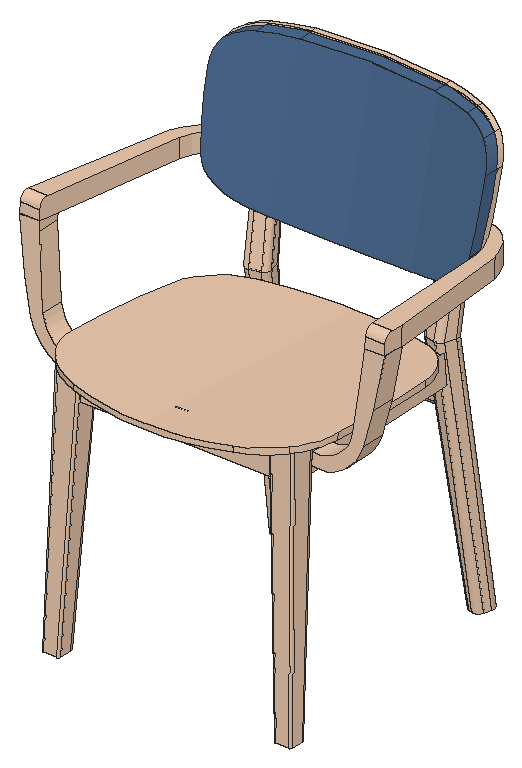
Revit family "FU_Chair_Sandler_Celina 2-14", category Furniture, Revit 2020
Family settings
  OmniClass Number = 23.40.20.00
  OmniClass Title = General Furniture and Specialties
  Work Plane-Based = No
  Always vertical = Yes
  Cut with Voids When Loaded = No
  Shared = No
  Room Calculation Point = No
Parameters (values of type "Celina 2.14")
  Width = 500 mm
  URL = "https://www.sandlerseating.com/product/celina-2-14/"
  Seat [instance] = Fabric - Manhattan - Staten YI386
  Model = "Celina 2.14"
  Manufacturer = "Sandler"
  Height = 820 mm
  Frame [instance] = Wood - Beech - Walnut - V
  Description = "Armchair with a wooden seat and upholstered back panel. The frame is in solid beech."
  Depth = 550 mm
  Default Elevation = 0 mm
Reference planes
  plane 1 "Center (Front/Back)": y = 0
  plane 2: z = 0
  plane 3 "Center (Left/Right)": x = 0
  plane 4 "Right": x = -250
  plane 5 "Left": x = 250
  plane 6 "Back": y = 275
  plane 7 "Front": y = -275
  plane 8 "Height": z = 820
  plane 9 "Seat height": z = 460
  plane 10 "Right Arm": x = -325
  plane 11 "Left Arm": x = 325
  plane 12 "FL C FRONT": through (206.59, -1524, 5.36) normal (-0.9994, 0, -0.0359)
  plane 13 "BL C Front": through (-178.282, -1524, 5.132) normal (-0.9999, 0, 0.0103)
  plane 14 "FL C RIGHT": through (4267.2, -211.114, 5.562) normal (0, -0.9986, 0.0521)
  plane 15: through (4267.2, 255.502, 4.2) normal (0, -0.9887, -0.1501)
  plane 16: through (4267.2, 190.415, 493.994) normal (0, -0.984, 0.1783)
Forms (mm)
  Sweep 1, solid, material "Wood - Beech - Walnut - V" <- "Frame"
    path origin (0.119, 29.292, 439.708) x (0, 0.99863, -0.052336) y (1, 0, 0)
      loop
        line (-311.844, 0) -> (171.86, 0)
    profile "Pro_celina_Seat : Pro_celina_Seat" origin (0.119, -40.604, 443.371) x (1, 0, 0) y (0, -0.052336, -0.99863)
      loop
        arc (237.5, -12.54) -> (0, 0) -> (-237.5, -12.54) r 2255.339
        line (-237.5, -12.54) -> (-237.5, -22.54)
        arc (-237.5, -22.54) -> (0, -10) -> (237.5, -22.54) r 2255.339
        line (237.5, -22.54) -> (237.5, -12.54)
  Extrusion 2, void
    sketch origin (0.119, -20.296, 502.02) x (-1, 0, 0) y (0, -1, 0)
      loop
        line (248.521, -230.925) -> (248.521, 269.075) -> (-251.479, 269.075) -> (-251.479, -230.925) -> (248.521, -230.925)
      loop
        arc (141.879, 235.713) -> (0.119, 256.987) -> (-141.64, 235.713) r 482.927
        arc (-141.64, 235.713) -> (-177.703, 219.068) -> (-208.046, 193.437) r 148.11
        arc (-208.046, 193.437) -> (-229.338, 158.084) -> (-235.769, 117.318) r 107.689
        arc (-235.769, 117.318) -> (-233.624, 13.584) -> (-224.626, -89.781) r 1568.852
        arc (-224.626, -89.781) -> (-196.277, -154.472) -> (-136.874, -192.68) r 122.229
        arc (-136.874, -192.68) -> (0.119, -211.879) -> (137.113, -192.68) r 498.358
        arc (137.113, -192.68) -> (196.516, -154.472) -> (224.865, -89.781) r 122.229
        arc (224.865, -89.781) -> (233.862, 13.584) -> (236.008, 117.318) r 1568.852
        arc (236.008, 117.318) -> (229.577, 158.084) -> (208.285, 193.437) r 107.689
        arc (208.285, 193.437) -> (177.942, 219.068) -> (141.879, 235.713) r 148.11
    from 10.492 to -76.796
  SweptBlend 3, solid, material "Wood - Beech - Walnut - V" <- "Frame"
    path origin (206.516, 0, 7.419) x (0.035902, 0, -0.999355) y (0, -1, 0)
      loop
        line (15.798, 211.845) -> (-453.563, 187.36)
    profile origin (207.083, -211.845, -8.369) x (0.00187, 0.998642, -0.052062) y (-0.999355, 0, -0.035902)
      loop
        arc (-14.979, -11.006) -> (-13.796, -13.848) -> (-10.949, -15.021) r 4.023
        line (-10.949, -15.021) -> (11.028, -14.979)
        arc (11.028, -14.979) -> (13.854, -13.803) -> (15.021, -10.972) r 4
        line (15.021, -10.972) -> (14.979, 11.028)
        arc (14.979, 11.028) -> (13.803, 13.854) -> (10.972, 15.021) r 4
        line (10.972, 15.021) -> (-11.028, 14.979)
        arc (-11.028, 14.979) -> (-13.854, 13.803) -> (-15.021, 10.972) r 4
        line (-15.021, 10.972) -> (-14.979, -11.006)
    end profile origin (190.232, -187.36, 460.69) x (0.00187, 0.998642, -0.052062) y (-0.999355, 0, -0.035902)
      loop
        arc (-21.966, -18.041) -> (-20.789, -20.867) -> (-17.959, -22.034) r 4
        line (-17.959, -22.034) -> (18.041, -21.966)
        arc (18.041, -21.966) -> (20.867, -20.789) -> (22.034, -17.959) r 4
        line (22.034, -17.959) -> (21.966, 18.041)
        arc (21.966, 18.041) -> (20.789, 20.867) -> (17.959, 22.034) r 4
        line (17.959, 22.034) -> (-18.041, 21.966)
        arc (-18.041, 21.966) -> (-20.867, 20.789) -> (-22.034, 17.959) r 4
        line (-22.034, 17.959) -> (-21.966, -18.041)
  SweptBlend 4, solid, material "Wood - Beech - Walnut - V" <- "Frame"
    path origin (-178.316, 0, 1.838) x (-0.010308, 0, -0.999947) y (0, -1, 0)
      loop
        line (10.63, -257.754) -> (-463.93, -185.692)
    profile origin (-178.425, 257.754, -8.791) x (0.001548, 0.988666, 0.150121) y (-0.999947, 0, 0.010308)
      loop
        line (16.945, 1.2) -> (15.071, 7.954)
        arc (15.071, 7.954) -> (9.652, 14.89) -> (0.916, 15.962) r 11.5
        line (0.916, 15.962) -> (-12.575, 12.22)
        arc (-12.575, 12.22) -> (-19.51, 6.801) -> (-20.583, -1.935) r 11.5
        line (-20.583, -1.935) -> (-18.712, -8.681)
        arc (-18.712, -8.681) -> (-13.292, -15.616) -> (-4.556, -16.688) r 11.5
        line (-4.556, -16.688) -> (8.943, -12.944)
        arc (8.943, -12.944) -> (15.873, -7.529) -> (16.945, 1.2) r 11.49
    end profile origin (-173.534, 185.692, 465.743) x (0.001548, 0.988666, 0.150121) y (-0.999947, 0, 0.010308)
      loop
        line (5.481, 10.089) -> (-14.232, 4.749)
        arc (-14.232, 4.749) -> (-20.595, -0.161) -> (-21.622, -8.131) r 10.5
        line (-21.622, -8.131) -> (-16.447, -27.235)
        arc (-16.447, -27.235) -> (-11.538, -33.597) -> (-3.567, -34.624) r 10.5
        line (-3.567, -34.624) -> (16.146, -29.284)
        arc (16.146, -29.284) -> (22.508, -24.375) -> (23.535, -16.404) r 10.5
        line (23.535, -16.404) -> (18.361, 2.699)
        arc (18.361, 2.699) -> (13.451, 9.061) -> (5.481, 10.089) r 10.5
  SweptBlend 5, solid, material "Wood - Beech - Walnut - V" <- "Frame"
    path origin (-178.316, 0, 1.838) x (-0.010308, 0, -0.999947) y (0, -1, 0)
      loop
        line (-447.138, -184.221) -> (-698.053, -229.684)
    profile origin (-173.707, 184.221, 448.952) x (-0.001838, 0.983979, -0.178274) y (-0.999947, 0, 0.010308)
      loop
        line (6.359, 10.097) -> (-14.247, 4.59)
        arc (-14.247, 4.59) -> (-20.626, -0.298) -> (-21.68, -8.265) r 10.5
        line (-21.68, -8.265) -> (-16.57, -27.386)
        arc (-16.57, -27.386) -> (-11.682, -33.765) -> (-3.715, -34.819) r 10.5
        line (-3.715, -34.819) -> (16.891, -29.312)
        arc (16.891, -29.312) -> (23.269, -24.424) -> (24.324, -16.457) r 10.5
        line (24.324, -16.457) -> (19.214, 2.664)
        arc (19.214, 2.664) -> (14.326, 9.042) -> (6.359, 10.097) r 10.5
    end profile origin (-171.12, 229.684, 699.854) x (-0.001838, 0.983979, -0.178274) y (-0.999947, 0, 0.010308)
      loop
        arc (10.888, 12.173) -> (6.714, 17.652) -> (-0.112, 18.575) r 9
        line (-0.112, 18.575) -> (-10.954, 15.71)
        arc (-10.954, 15.71) -> (-16.436, 11.534) -> (-17.36, 4.704) r 9.005
        line (-17.36, 4.704) -> (-12.919, -12.102)
        arc (-12.919, -12.102) -> (-8.745, -17.581) -> (-1.919, -18.504) r 9
        line (-1.919, -18.504) -> (8.928, -15.638)
        arc (8.928, -15.638) -> (14.407, -11.464) -> (15.33, -4.638) r 9
        line (15.33, -4.638) -> (10.888, 12.173)
  Extrusion 6, void
    sketch origin (-178.316, 0, 1.838) x (-0.010308, 0, -0.999947) y (0, -1, 0)
      loop
        line (-458.111, -152.645) -> (-458.111, -224.882) -> (-439.168, -224.882) -> (-439.168, -152.645) -> (-458.111, -152.645)
    from -48.983 to 26.092
  Extrusion 7, void
    sketch origin (-178.316, 0, 1.838) x (-0.010308, 0, -0.999947) y (0, -1, 0)
      loop
        line (-458.228, -152.645) -> (-470.347, -152.645) -> (-470.347, -224.294) -> (-458.228, -224.294) -> (-458.228, -152.645)
    from -48.983 to 26.092
  SweptBlend 8, solid, material "Wood - Beech - Walnut - V" <- "Frame"
    path origin (178.316, 0, 1.838) x (0.010308, 0, -0.999947) y (0, 1, 0)
      loop
        line (10.63, 257.754) -> (-463.93, 185.692)
    profile origin (178.425, 257.754, -8.791) x (0.001548, -0.988666, -0.150121) y (0.999947, 0, 0.010308)
      loop
        arc (-16.945, 1.2) -> (-15.873, -7.529) -> (-8.943, -12.944) r 11.49
        line (-8.943, -12.944) -> (4.556, -16.688)
        arc (4.556, -16.688) -> (13.292, -15.616) -> (18.712, -8.681) r 11.5
        line (18.712, -8.681) -> (20.583, -1.935)
        arc (20.583, -1.935) -> (19.51, 6.801) -> (12.575, 12.22) r 11.5
        line (12.575, 12.22) -> (-0.916, 15.962)
        arc (-0.916, 15.962) -> (-9.652, 14.89) -> (-15.071, 7.954) r 11.5
        line (-15.071, 7.954) -> (-16.945, 1.2)
    end profile origin (173.534, 185.692, 465.743) x (0.001548, -0.988666, -0.150121) y (0.999947, 0, 0.010308)
      loop
        arc (-5.481, 10.089) -> (-13.451, 9.061) -> (-18.361, 2.699) r 10.5
        line (-18.361, 2.699) -> (-23.535, -16.404)
        arc (-23.535, -16.404) -> (-22.508, -24.375) -> (-16.146, -29.284) r 10.5
        line (-16.146, -29.284) -> (3.567, -34.624)
        arc (3.567, -34.624) -> (11.538, -33.597) -> (16.447, -27.235) r 10.5
        line (16.447, -27.235) -> (21.622, -8.131)
        arc (21.622, -8.131) -> (20.595, -0.161) -> (14.232, 4.749) r 10.5
        line (14.232, 4.749) -> (-5.481, 10.089)
  SweptBlend 9, solid, material "Wood - Beech - Walnut - V" <- "Frame"
    path origin (178.316, 0, 1.838) x (0.010308, 0, -0.999947) y (0, 1, 0)
      loop
        line (-447.138, 184.221) -> (-698.053, 229.684)
    profile origin (173.707, 184.221, 448.952) x (-0.001838, -0.983979, 0.178274) y (0.999947, 0, 0.010308)
      loop
        arc (-6.359, 10.097) -> (-14.326, 9.042) -> (-19.214, 2.664) r 10.5
        line (-19.214, 2.664) -> (-24.324, -16.457)
        arc (-24.324, -16.457) -> (-23.269, -24.424) -> (-16.891, -29.312) r 10.5
        line (-16.891, -29.312) -> (3.715, -34.819)
        arc (3.715, -34.819) -> (11.682, -33.765) -> (16.57, -27.386) r 10.5
        line (16.57, -27.386) -> (21.68, -8.265)
        arc (21.68, -8.265) -> (20.626, -0.298) -> (14.247, 4.59) r 10.5
        line (14.247, 4.59) -> (-6.359, 10.097)
    end profile origin (171.12, 229.684, 699.854) x (-0.001838, -0.983979, 0.178274) y (0.999947, 0, 0.010308)
      loop
        line (-10.888, 12.173) -> (-15.33, -4.638)
        arc (-15.33, -4.638) -> (-14.407, -11.464) -> (-8.928, -15.638) r 9
        line (-8.928, -15.638) -> (1.919, -18.504)
        arc (1.919, -18.504) -> (8.745, -17.581) -> (12.919, -12.102) r 9
        line (12.919, -12.102) -> (17.36, 4.704)
        arc (17.36, 4.704) -> (16.436, 11.534) -> (10.954, 15.71) r 9.005
        line (10.954, 15.71) -> (0.112, 18.575)
        arc (0.112, 18.575) -> (-6.714, 17.652) -> (-10.888, 12.173) r 9
  Extrusion 10, void
    sketch origin (178.316, 0, 1.838) x (0.010308, 0, -0.999947) y (0, 1, 0)
      loop
        line (-458.111, 152.645) -> (-439.168, 152.645) -> (-439.168, 224.882) -> (-458.111, 224.882) -> (-458.111, 152.645)
    from -48.983 to 26.092
  Extrusion 11, void
    sketch origin (178.316, 0, 1.838) x (0.010308, 0, -0.999947) y (0, 1, 0)
      loop
        line (-458.228, 152.645) -> (-458.228, 224.294) -> (-470.347, 224.294) -> (-470.347, 152.645) -> (-458.228, 152.645)
    from -48.983 to 26.092
  SweptBlend 12, solid, material "Wood - Beech - Walnut - V" <- "Frame"
    path origin (-206.516, 0, 7.419) x (-0.035902, 0, -0.999355) y (0, 1, 0)
      loop
        line (15.798, -211.845) -> (-453.563, -187.36)
    profile origin (-207.083, -211.845, -8.369) x (0.00187, -0.998642, 0.052062) y (0.999355, 0, -0.035902)
      loop
        line (14.979, -11.006) -> (15.021, 10.972)
        arc (15.021, 10.972) -> (13.854, 13.803) -> (11.028, 14.979) r 4
        line (11.028, 14.979) -> (-10.972, 15.021)
        arc (-10.972, 15.021) -> (-13.803, 13.854) -> (-14.979, 11.028) r 4
        line (-14.979, 11.028) -> (-15.021, -10.972)
        arc (-15.021, -10.972) -> (-13.854, -13.803) -> (-11.028, -14.979) r 4
        line (-11.028, -14.979) -> (10.949, -15.021)
        arc (10.949, -15.021) -> (13.796, -13.848) -> (14.979, -11.006) r 4.023
    end profile origin (-190.232, -187.36, 460.69) x (0.00187, -0.998642, 0.052062) y (0.999355, 0, -0.035902)
      loop
        line (21.966, -18.041) -> (22.034, 17.959)
        arc (22.034, 17.959) -> (20.867, 20.789) -> (18.041, 21.966) r 4
        line (18.041, 21.966) -> (-17.959, 22.034)
        arc (-17.959, 22.034) -> (-20.789, 20.867) -> (-21.966, 18.041) r 4
        line (-21.966, 18.041) -> (-22.034, -17.959)
        arc (-22.034, -17.959) -> (-20.867, -20.789) -> (-18.041, -21.966) r 4
        line (-18.041, -21.966) -> (17.959, -22.034)
        arc (17.959, -22.034) -> (20.789, -20.867) -> (21.966, -18.041) r 4
  Extrusion 13, solid, material "Wood - Beech - Walnut - V" <- "Frame"
    sketch origin (0, 0, 460) x (-1, 0, 0) y (0, -1, 0)
      loop
        line (175.074, 174.445) -> (175.074, 205.637) -> (-174.926, 205.637) -> (-174.926, 174.445) -> (175.074, 174.445)
      loop
        line (207.36, 174.272) -> (178.067, 176.828) -> (146.379, -186.366) -> (176.28, -181.947) -> (207.36, 174.272)
      loop
        line (-207.36, 174.272) -> (-176.28, -181.947) -> (-146.379, -186.366) -> (-178.067, 176.828) -> (-207.36, 174.272)
    from 0 to -78.018
  Sweep 14, void
    path origin (0.119, 30.664, 441.798) x (0, 0.99863, -0.052336) y (1, 0, 0)
      loop
        line (-311.844, 0) -> (193.156, 0)
    profile "Pro_celina_Seat-cut : Pro_celina_Seat-cut" origin (0.119, -28.599, 444.904) x (1, 0, 0) y (0, -0.052336, -0.99863)
      loop
        arc (237.5, -12.54) -> (0, 0) -> (-237.5, -12.54) r 2255.339
        line (-237.5, -12.54) -> (-237.5, -65.04)
        arc (-237.5, -65.04) -> (0, -52.5) -> (237.5, -65.04) r 2255.339
        line (237.5, -65.04) -> (237.5, -12.54)
  Extrusion 15, void
    sketch origin (0, 0, 0) x (0, 1, 0) y (0, 0, 1)
      loop
        line (-229.224, 409.273) -> (-229.224, 334.273) -> (230.12, 334.273) -> (230.12, 384.715) -> (-229.224, 409.273)
    from -250 to 250
  Extrusion 16, solid, material "Wood - Beech - Walnut - V" <- "Frame"
    sketch origin (0, 0, 0) x (0, 1, 0) y (0, 0, 1)
      loop
        arc (213.056, 367.317) -> (210.682, 371.248) -> (206.223, 372.348) r 6
        line (206.223, 372.348) -> (198.535, 371.181)
        arc (198.535, 371.181) -> (194.604, 368.806) -> (193.503, 364.348) r 6
        line (193.503, 364.348) -> (197.257, 339.631)
        arc (197.257, 339.631) -> (199.631, 335.701) -> (204.09, 334.6) r 6
        line (204.09, 334.6) -> (211.778, 335.768)
        arc (211.778, 335.768) -> (215.709, 338.142) -> (216.81, 342.601) r 6
        line (216.81, 342.601) -> (213.056, 367.317)
    from -168 to 168
  Extrusion 17, void
    sketch origin (0, 0, 0) x (0, 1, 0) y (0, 0, 1)
      loop
        line (-275, 0) -> (-275, -32.791) -> (280, -32.791) -> (280, 0) -> (-275, 0)
    from -250 to 250
  Sweep 18, solid, material "Fabric - Manhattan - Staten YI386" <- "Seat"
    path origin (0.066, 37.154, -270.244) x (0, 1, 0) y (0, 0, 1)
      loop
        line (154.569, 770) -> (234.758, 1108.042)
    profile "Pro_celina_Back_UPH1 : Pro_celina_Back_UPH 2" origin (0.066, 231.818, 668.777) x (0, -0.972998, 0.230812) y (1, 0, 0)
      loop
        arc (42.034, 246.545) -> (3, 0) -> (42.034, -246.545) r 798.125
        arc (42.034, -246.545) -> (43.85, -249.045) -> (46.789, -250) r 5
        line (46.789, -250) -> (73.165, -250)
        arc (73.165, -250) -> (33, 0) -> (73.165, 250) r 798.125
        line (73.165, 250) -> (46.789, 250)
        arc (46.789, 250) -> (43.85, 249.045) -> (42.034, 246.545) r 5
  Extrusion 19, void
    sketch origin (0.066, 39.342, -270.869) x (1, 0, 0) y (0, 0, 1)
      loop
        line (119.761, 1090) -> (-121.25, 1090)
        arc (-121.25, 1090) -> (-154.552, 1088.857) -> (-187.721, 1085.67) r 541.973
        arc (-187.721, 1085.67) -> (-211.489, 1079.491) -> (-232.923, 1067.503) r 96.341
        arc (-232.923, 1067.503) -> (-245.694, 1045.257) -> (-249.494, 1019.89) r 69.271
        arc (-249.494, 1019.89) -> (-247.861, 958.646) -> (-241.122, 897.751) r 733.414
        arc (-241.122, 897.751) -> (-232.137, 873.763) -> (-214.284, 855.393) r 62.504
        arc (-214.284, 855.393) -> (-182.775, 839.296) -> (-148.432, 830.784) r 154.624
        arc (-148.432, 830.784) -> (-5.305, 821.343) -> (137.883, 829.803) r 1149.301
        arc (137.883, 829.803) -> (177.655, 837.565) -> (214.045, 855.393) r 154.624
        arc (214.045, 855.393) -> (231.898, 873.763) -> (240.883, 897.751) r 62.504
        arc (240.883, 897.751) -> (247.622, 958.646) -> (249.256, 1019.89) r 733.414
        arc (249.256, 1019.89) -> (245.455, 1045.257) -> (232.684, 1067.503) r 69.271
        arc (232.684, 1067.503) -> (211.25, 1079.491) -> (187.482, 1085.67) r 96.341
        arc (187.482, 1085.67) -> (153.689, 1088.897) -> (119.761, 1090) r 541.59
      loop
        line (-260, 1133.116) -> (-260, 753.116) -> (260, 753.116) -> (260, 1133.116) -> (-260, 1133.116)
    from -235.658 to -100.658
  Sweep 20, solid, material "Wood - Beech - Walnut - V" <- "Frame"
    path origin (0.066, 37.154, -270.244) x (0, 1, 0) y (0, 0, 1)
      loop
        line (154.569, 770) -> (234.758, 1108.042)
    profile "Pro_celina_Back : Pro_celina_Back" origin (0.066, 231.818, 668.777) x (0, -0.972998, 0.230812) y (1, 0, 0)
      loop
        arc (50.165, -250) -> (10, 0) -> (50.165, 250) r 798.119
        line (50.165, 250) -> (40.165, 250)
        arc (40.165, 250) -> (0, 0) -> (40.165, -250) r 798.125
        line (40.165, -250) -> (50.165, -250)
  Extrusion 21, void
    sketch origin (-0.054, 0, 0.005) x (1, 0, 0) y (0, 0, 1)
      loop
        line (119.189, 817.664) -> (-121.182, 817.664)
        arc (-121.182, 817.664) -> (-154.204, 816.535) -> (-187.094, 813.377) r 536.553
        arc (-187.094, 813.377) -> (-210.624, 807.259) -> (-231.844, 795.391) r 95.377
        arc (-231.844, 795.391) -> (-244.487, 773.368) -> (-248.249, 748.255) r 68.579
        arc (-248.249, 748.255) -> (-246.632, 687.623) -> (-239.96, 627.337) r 726.08
        arc (-239.96, 627.337) -> (-231.065, 603.589) -> (-213.391, 585.403) r 61.879
        arc (-213.391, 585.403) -> (-182.197, 569.467) -> (-148.198, 561.039) r 153.077
        arc (-148.198, 561.039) -> (-7.322, 551.696) -> (133.626, 559.871) r 1137.808
        arc (133.626, 559.871) -> (175.165, 567.108) -> (213.154, 585.403) r 153.077
        arc (213.154, 585.403) -> (230.829, 603.589) -> (239.724, 627.337) r 61.879
        arc (239.724, 627.337) -> (246.396, 687.623) -> (248.013, 748.255) r 726.08
        arc (248.013, 748.255) -> (244.25, 773.368) -> (231.607, 795.391) r 68.579
        arc (231.607, 795.391) -> (210.388, 807.259) -> (186.857, 813.377) r 95.377
        arc (186.857, 813.377) -> (153.091, 816.591) -> (119.189, 817.664) r 536.174
      loop
        line (-260, 862.242) -> (-260, 482.242) -> (260, 482.242) -> (260, 862.242) -> (-260, 862.242)
    from -291.827 to -115.962
Cuts and joins
  Extrusion 2 cuts Sweep 1
  Extrusion 6 cuts SweptBlend 5
  Extrusion 7, Extrusion 17 cuts SweptBlend 4
  Extrusion 10 cuts SweptBlend 9
  Extrusion 11, Extrusion 17 cuts SweptBlend 8
  Sweep 14, Extrusion 15 cuts Extrusion 13
  Extrusion 17 cuts SweptBlend 12
  Extrusion 17 cuts SweptBlend 3
  Extrusion 19, Extrusion 21 cuts Sweep 18
  Extrusion 19 cuts Sweep 20
Dimensions and locks
  equal spacing: plane 4 "Right", plane 3 "Center (Left/Right)", plane 5 "Left"
  "Width": plane 4 "Right" to plane 5 "Left"
  equal spacing: plane 6 "Back", plane 1 "Center (Front/Back)", plane 7 "Front"
  "Depth": plane 6 "Back" to plane 7 "Front"
  "Height": plane 8 "Height" to level
  plane 9 "Seat height" to level = 460 mm
  equal spacing: plane 10 "Right Arm", plane 3 "Center (Left/Right)", plane 11 "Left Arm"
  plane 10 "Right Arm" to plane 11 "Left Arm" = 650 mm
  aligned and locked: level to plane 2
Automatic sketch dimensions
  plane 3 "Center (Left/Right)" to Sweep 1 sketch curve = 0.119 mm
  Sweep 1 sketch curve to Sweep 1 sketch curve = 483.704 mm
  Extrusion 2 sketch curve to plane 3 "Center (Left/Right)" = 0 mm  (x2)
  plane 3 "Center (Left/Right)" to Extrusion 2 sketch curve = 98.283 mm
  Extrusion 2 sketch curve to plane 1 "Center (Front/Back)" = 54.865 mm  (x2)
  plane 3 "Center (Left/Right)" to Extrusion 2 sketch curve = 103.394 mm
  Extrusion 2 sketch curve to Extrusion 2 sketch curve = 29.988 mm  (x2)
  Extrusion 2 sketch curve to plane 5 "Left" = 1.598 mm
  plane 1 "Center (Front/Back)" to Extrusion 2 sketch curve = 118.175 mm  (x2)
  Extrusion 2 sketch curve to plane 11 "Left Arm" = 1007.843 mm
  Extrusion 2 sketch curve to plane 3 "Center (Left/Right)" = 98.283 mm
  Extrusion 2 sketch curve to plane 3 "Center (Left/Right)" = 103.394 mm
  Extrusion 2 sketch curve to plane 4 "Right" = 1.598 mm
  plane 10 "Right Arm" to Extrusion 2 sketch curve = 1007.843 mm
  Extrusion 2 sketch curve to plane 6 "Back" = 69.356 mm
  Extrusion 2 sketch curve to plane 6 "Back" = 64.371 mm
  plane 1 "Center (Front/Back)" to Extrusion 2 sketch curve = 114.424 mm  (x2)
  Extrusion 2 sketch curve to Extrusion 2 sketch curve = 27.102 mm  (x2)
  Extrusion 2 sketch curve to plane 7 "Front" = 14.371 mm
  Extrusion 2 sketch curve to plane 7 "Front" = 31.774 mm
  Extrusion 2 sketch curve to plane 6 "Back" = 102.616 mm
  Extrusion 2 sketch curve to Extrusion 2 sketch curve = 0 mm  (x8)
  plane 7 "Front" to Extrusion 2 sketch curve = 18.991 mm
  plane 7 "Front" to SweptBlend 3 sketch curve = 87.64 mm
  plane 7 "Front" to SweptBlend 3 sketch curve = 63.155 mm
  SweptBlend 3 sketch curve to SweptBlend 3 sketch curve = 469.362 mm
  profile plane to SweptBlend 3 sketch curve = 15.021 mm
  profile plane to SweptBlend 3 sketch curve = 14.979 mm
  SweptBlend 3 sketch curve to SweptBlend 3 sketch curve = 3.993 mm  (x3)
  SweptBlend 3 sketch curve to SweptBlend 3 sketch curve = 4 mm  (x9)
  SweptBlend 3 sketch curve to SweptBlend 3 sketch curve = 4.023 mm
  SweptBlend 3 sketch curve to SweptBlend 3 sketch curve = 0.008 mm
  SweptBlend 3 sketch curve to profile plane = 10.972 mm
  SweptBlend 3 sketch curve to SweptBlend 3 sketch curve = 0.007 mm  (x9)
  SweptBlend 3 sketch curve to profile plane = 11.021 mm
  SweptBlend 3 sketch curve to plane 12 "FL C FRONT" = 15.021 mm
  SweptBlend 3 sketch curve to plane 12 "FL C FRONT" = 14.979 mm
  SweptBlend 3 sketch curve to SweptBlend 3 sketch curve = 4.015 mm
  plane 12 "FL C FRONT" to SweptBlend 3 sketch curve = 10.972 mm
  plane 12 "FL C FRONT" to SweptBlend 3 sketch curve = 11.021 mm
  profile plane to SweptBlend 3 sketch curve = 22.034 mm
  profile plane to SweptBlend 3 sketch curve = 21.966 mm
  SweptBlend 3 sketch curve to profile plane = 17.959 mm
  SweptBlend 3 sketch curve to profile plane = 18.034 mm
  SweptBlend 3 sketch curve to plane 12 "FL C FRONT" = 22.034 mm
  SweptBlend 3 sketch curve to plane 12 "FL C FRONT" = 21.966 mm
  plane 12 "FL C FRONT" to SweptBlend 3 sketch curve = 17.959 mm
  plane 12 "FL C FRONT" to SweptBlend 3 sketch curve = 18.034 mm
  SweptBlend 4 sketch curve to plane 6 "Back" = 89.308 mm
  SweptBlend 4 sketch curve to plane 6 "Back" = 17.246 mm
  SweptBlend 4 sketch curve to SweptBlend 4 sketch curve = 474.56 mm
  SweptBlend 4 sketch curve to plane 13 "BL C Front" = 1.935 mm
  profile plane to SweptBlend 4 sketch curve = 20.583 mm
  SweptBlend 4 sketch curve to plane 13 "BL C Front" = 8.681 mm
  SweptBlend 4 sketch curve to SweptBlend 4 sketch curve = 1.871 mm  (x2)
  profile plane to SweptBlend 4 sketch curve = 12.575 mm
  plane 13 "BL C Front" to SweptBlend 4 sketch curve = 1.138 mm
  profile plane to SweptBlend 4 sketch curve = 9.501 mm
  profile plane to SweptBlend 4 sketch curve = 4.556 mm
  SweptBlend 4 sketch curve to profile plane = 0.916 mm
  SweptBlend 4 sketch curve to profile plane = 3.99 mm
  SweptBlend 4 sketch curve to plane 13 "BL C Front" = 1.872 mm
  SweptBlend 4 sketch curve to profile plane = 5.872 mm
  SweptBlend 4 sketch curve to profile plane = 8.943 mm
  plane 13 "BL C Front" to SweptBlend 4 sketch curve = 7.954 mm
  SweptBlend 4 sketch curve to SweptBlend 4 sketch curve = 11.082 mm
  plane 13 "BL C Front" to SweptBlend 4 sketch curve = 1.2 mm
  SweptBlend 4 sketch curve to SweptBlend 4 sketch curve = 1.874 mm
  SweptBlend 4 sketch curve to SweptBlend 4 sketch curve = 3.745 mm
  plane 13 "BL C Front" to SweptBlend 4 sketch curve = 4.88 mm
  SweptBlend 4 sketch curve to plane 13 "BL C Front" = 8.131 mm
  profile plane to SweptBlend 4 sketch curve = 21.622 mm
  profile plane to SweptBlend 4 sketch curve = 16.447 mm
  plane 13 "BL C Front" to SweptBlend 4 sketch curve = 4.749 mm
  profile plane to SweptBlend 4 sketch curve = 14.232 mm
  SweptBlend 4 sketch curve to plane 13 "BL C Front" = 5.386 mm
  profile plane to SweptBlend 4 sketch curve = 6.313 mm
  profile plane to SweptBlend 4 sketch curve = 3.567 mm
  SweptBlend 4 sketch curve to profile plane = 5.481 mm
  SweptBlend 4 sketch curve to plane 13 "BL C Front" = 0.046 mm
  SweptBlend 4 sketch curve to profile plane = 8.226 mm
  SweptBlend 4 sketch curve to profile plane = 13.4 mm
  SweptBlend 4 sketch curve to SweptBlend 4 sketch curve = 2.745 mm  (x3)
  plane 13 "BL C Front" to SweptBlend 4 sketch curve = 2.699 mm
  SweptBlend 4 sketch curve to SweptBlend 4 sketch curve = 10.135 mm  (x2)
  SweptBlend 4 sketch curve to plane 13 "BL C Front" = 16.404 mm
  SweptBlend 4 sketch curve to SweptBlend 4 sketch curve = 19.103 mm
  SweptBlend 5 sketch curve to plane 6 "Back" = 45.316 mm
  SweptBlend 5 sketch curve to plane 6 "Back" = 90.779 mm
  SweptBlend 5 sketch curve to SweptBlend 5 sketch curve = 250.915 mm
  plane 13 "BL C Front" to SweptBlend 5 sketch curve = 4.704 mm
  profile plane to SweptBlend 5 sketch curve = 17.36 mm
  profile plane to SweptBlend 5 sketch curve = 12.919 mm
  profile plane to SweptBlend 5 sketch curve = 10.954 mm
  profile plane to SweptBlend 5 sketch curve = 8.654 mm
  profile plane to SweptBlend 5 sketch curve = 4.218 mm
  profile plane to SweptBlend 5 sketch curve = 1.919 mm
  profile plane to SweptBlend 5 sketch curve = 0.112 mm
  SweptBlend 5 sketch curve to profile plane = 2.187 mm
  SweptBlend 5 sketch curve to profile plane = 6.628 mm
  SweptBlend 5 sketch curve to profile plane = 8.928 mm
  SweptBlend 5 sketch curve to SweptBlend 5 sketch curve = 8.701 mm  (x2)
  SweptBlend 5 sketch curve to plane 13 "BL C Front" = 4.638 mm
  SweptBlend 5 sketch curve to plane 13 "BL C Front" = 6.937 mm
  SweptBlend 5 sketch curve to plane 13 "BL C Front" = 9.803 mm
  SweptBlend 5 sketch curve to SweptBlend 5 sketch curve = 2.299 mm  (x2)
  plane 13 "BL C Front" to SweptBlend 5 sketch curve = 7.004 mm
  plane 13 "BL C Front" to SweptBlend 5 sketch curve = 9.873 mm
  SweptBlend 5 sketch curve to plane 13 "BL C Front" = 8.265 mm
  profile plane to SweptBlend 5 sketch curve = 21.68 mm
  profile plane to SweptBlend 5 sketch curve = 16.57 mm
  plane 13 "BL C Front" to SweptBlend 5 sketch curve = 4.59 mm
  profile plane to SweptBlend 5 sketch curve = 14.247 mm
  SweptBlend 5 sketch curve to plane 13 "BL C Front" = 5.554 mm
  profile plane to SweptBlend 5 sketch curve = 6.426 mm
  profile plane to SweptBlend 5 sketch curve = 3.715 mm
  SweptBlend 5 sketch curve to profile plane = 6.359 mm
  SweptBlend 5 sketch curve to plane 13 "BL C Front" = 0.047 mm
  SweptBlend 5 sketch curve to profile plane = 9.07 mm
  SweptBlend 5 sketch curve to profile plane = 14.18 mm
  SweptBlend 5 sketch curve to SweptBlend 5 sketch curve = 2.711 mm  (x3)
  plane 13 "BL C Front" to SweptBlend 5 sketch curve = 2.664 mm
  SweptBlend 5 sketch curve to SweptBlend 5 sketch curve = 10.144 mm  (x2)
  SweptBlend 5 sketch curve to plane 13 "BL C Front" = 16.457 mm
  SweptBlend 5 sketch curve to SweptBlend 5 sketch curve = 19.121 mm
  Extrusion 6 sketch curve to plane 6 "Back" = 50.118 mm
  Extrusion 6 sketch curve to Extrusion 6 sketch curve = 18.943 mm
  Extrusion 6 sketch curve to Extrusion 6 sketch curve = 72.237 mm
  Extrusion 7 sketch curve to plane 6 "Back" = 122.355 mm
  Extrusion 7 sketch curve to Extrusion 7 sketch curve = 12.119 mm
  Extrusion 7 sketch curve to plane 6 "Back" = 50.706 mm
  SweptBlend 8 sketch curve to plane 6 "Back" = 89.308 mm
  SweptBlend 8 sketch curve to plane 6 "Back" = 17.246 mm
  SweptBlend 8 sketch curve to SweptBlend 8 sketch curve = 474.56 mm
  profile plane to SweptBlend 8 sketch curve = 1.2 mm
  profile plane to SweptBlend 8 sketch curve = 16.945 mm
  SweptBlend 8 sketch curve to SweptBlend 8 sketch curve = 1.874 mm
  profile plane to SweptBlend 8 sketch curve = 8.943 mm
  SweptBlend 8 sketch curve to profile plane = 1.872 mm
  profile plane to SweptBlend 8 sketch curve = 5.872 mm
  profile plane to SweptBlend 8 sketch curve = 3.99 mm
  profile plane to SweptBlend 8 sketch curve = 0.916 mm
  SweptBlend 8 sketch curve to profile plane = 4.556 mm
  SweptBlend 8 sketch curve to profile plane = 7.63 mm
  profile plane to SweptBlend 8 sketch curve = 1.138 mm
  SweptBlend 8 sketch curve to SweptBlend 8 sketch curve = 1.871 mm  (x2)
  SweptBlend 8 sketch curve to SweptBlend 8 sketch curve = 3.074 mm
  SweptBlend 8 sketch curve to profile plane = 8.681 mm
  SweptBlend 8 sketch curve to SweptBlend 8 sketch curve = 11.082 mm
  SweptBlend 8 sketch curve to profile plane = 1.935 mm
  SweptBlend 8 sketch curve to SweptBlend 8 sketch curve = 3.745 mm
  profile plane to SweptBlend 8 sketch curve = 4.88 mm
  SweptBlend 8 sketch curve to SweptBlend 8 sketch curve = 6.754 mm
  profile plane to SweptBlend 8 sketch curve = 23.535 mm
  profile plane to SweptBlend 8 sketch curve = 2.699 mm
  profile plane to SweptBlend 8 sketch curve = 18.361 mm
  SweptBlend 8 sketch curve to SweptBlend 8 sketch curve = 7.389 mm
  SweptBlend 8 sketch curve to SweptBlend 8 sketch curve = 10.135 mm  (x2)
  SweptBlend 8 sketch curve to profile plane = 0.046 mm
  profile plane to SweptBlend 8 sketch curve = 8.226 mm
  profile plane to SweptBlend 8 sketch curve = 5.481 mm
  SweptBlend 8 sketch curve to profile plane = 3.567 mm
  SweptBlend 8 sketch curve to profile plane = 6.313 mm
  SweptBlend 8 sketch curve to profile plane = 5.386 mm
  SweptBlend 8 sketch curve to profile plane = 11.487 mm
  profile plane to SweptBlend 8 sketch curve = 4.749 mm
  SweptBlend 8 sketch curve to SweptBlend 8 sketch curve = 2.745 mm  (x3)
  SweptBlend 8 sketch curve to profile plane = 8.131 mm
  SweptBlend 8 sketch curve to profile plane = 16.404 mm
  SweptBlend 8 sketch curve to SweptBlend 8 sketch curve = 19.103 mm
  SweptBlend 9 sketch curve to plane 6 "Back" = 45.316 mm
  SweptBlend 9 sketch curve to plane 6 "Back" = 90.779 mm
  SweptBlend 9 sketch curve to SweptBlend 9 sketch curve = 250.915 mm
  SweptBlend 9 sketch curve to profile plane = 4.638 mm
  profile plane to SweptBlend 9 sketch curve = 15.33 mm
  profile plane to SweptBlend 9 sketch curve = 10.888 mm
  profile plane to SweptBlend 9 sketch curve = 8.928 mm
  profile plane to SweptBlend 9 sketch curve = 6.628 mm
  profile plane to SweptBlend 9 sketch curve = 2.187 mm
  SweptBlend 9 sketch curve to profile plane = 0.112 mm
  SweptBlend 9 sketch curve to profile plane = 1.919 mm
  SweptBlend 9 sketch curve to profile plane = 4.218 mm
  SweptBlend 9 sketch curve to profile plane = 8.654 mm
  SweptBlend 9 sketch curve to SweptBlend 9 sketch curve = 2.3 mm
  SweptBlend 9 sketch curve to SweptBlend 9 sketch curve = 8.701 mm
  profile plane to SweptBlend 9 sketch curve = 4.704 mm
  SweptBlend 9 sketch curve to SweptBlend 9 sketch curve = 8.706 mm
  SweptBlend 9 sketch curve to profile plane = 6.937 mm
  SweptBlend 9 sketch curve to profile plane = 9.803 mm
  SweptBlend 9 sketch curve to SweptBlend 9 sketch curve = 2.299 mm  (x2)
  profile plane to SweptBlend 9 sketch curve = 7.004 mm
  profile plane to SweptBlend 9 sketch curve = 9.873 mm
  profile plane to SweptBlend 9 sketch curve = 24.324 mm
  profile plane to SweptBlend 9 sketch curve = 2.664 mm
  profile plane to SweptBlend 9 sketch curve = 19.214 mm
  SweptBlend 9 sketch curve to SweptBlend 9 sketch curve = 7.433 mm
  SweptBlend 9 sketch curve to SweptBlend 9 sketch curve = 10.144 mm  (x2)
  SweptBlend 9 sketch curve to profile plane = 0.047 mm
  profile plane to SweptBlend 9 sketch curve = 9.07 mm
  profile plane to SweptBlend 9 sketch curve = 6.359 mm
  SweptBlend 9 sketch curve to profile plane = 3.715 mm
  SweptBlend 9 sketch curve to profile plane = 6.426 mm
  SweptBlend 9 sketch curve to profile plane = 5.554 mm
  SweptBlend 9 sketch curve to profile plane = 11.536 mm
  profile plane to SweptBlend 9 sketch curve = 4.59 mm
  SweptBlend 9 sketch curve to SweptBlend 9 sketch curve = 2.711 mm  (x3)
  SweptBlend 9 sketch curve to profile plane = 8.265 mm
  SweptBlend 9 sketch curve to profile plane = 16.457 mm
  SweptBlend 9 sketch curve to SweptBlend 9 sketch curve = 19.121 mm
  Extrusion 10 sketch curve to plane 6 "Back" = 50.118 mm
  Extrusion 10 sketch curve to Extrusion 10 sketch curve = 18.943 mm
  Extrusion 10 sketch curve to Extrusion 10 sketch curve = 72.237 mm
  Extrusion 11 sketch curve to plane 6 "Back" = 122.355 mm
  Extrusion 11 sketch curve to Extrusion 11 sketch curve = 12.119 mm
  Extrusion 11 sketch curve to plane 6 "Back" = 50.706 mm
  plane 7 "Front" to SweptBlend 12 sketch curve = 87.64 mm
  plane 7 "Front" to SweptBlend 12 sketch curve = 63.155 mm
  SweptBlend 12 sketch curve to SweptBlend 12 sketch curve = 469.362 mm
  profile plane to SweptBlend 12 sketch curve = 15.021 mm
  profile plane to SweptBlend 12 sketch curve = 14.979 mm
  SweptBlend 12 sketch curve to SweptBlend 12 sketch curve = 3.993 mm  (x3)
  SweptBlend 12 sketch curve to SweptBlend 12 sketch curve = 4 mm  (x9)
  SweptBlend 12 sketch curve to SweptBlend 12 sketch curve = 0.007 mm  (x9)
  SweptBlend 12 sketch curve to profile plane = 10.949 mm
  SweptBlend 12 sketch curve to SweptBlend 12 sketch curve = 0.008 mm
  SweptBlend 12 sketch curve to profile plane = 11.021 mm
  SweptBlend 12 sketch curve to SweptBlend 12 sketch curve = 4.023 mm
  SweptBlend 12 sketch curve to profile plane = 15.021 mm
  SweptBlend 12 sketch curve to profile plane = 14.979 mm
  SweptBlend 12 sketch curve to SweptBlend 12 sketch curve = 4.015 mm
  profile plane to SweptBlend 12 sketch curve = 10.972 mm
  profile plane to SweptBlend 12 sketch curve = 11.021 mm
  profile plane to SweptBlend 12 sketch curve = 22.034 mm
  profile plane to SweptBlend 12 sketch curve = 21.966 mm
  SweptBlend 12 sketch curve to profile plane = 17.959 mm
  SweptBlend 12 sketch curve to profile plane = 18.034 mm
  SweptBlend 12 sketch curve to profile plane = 22.034 mm
  SweptBlend 12 sketch curve to profile plane = 21.966 mm
  profile plane to SweptBlend 12 sketch curve = 17.959 mm
  profile plane to SweptBlend 12 sketch curve = 18.034 mm
  plane 5 "Left" to Extrusion 13 sketch curve = 42.64 mm
  Extrusion 13 sketch curve to Extrusion 13 sketch curve = 29.293 mm  (x2)
  plane 5 "Left" to Extrusion 13 sketch curve = 73.72 mm
  Extrusion 13 sketch curve to Extrusion 13 sketch curve = 3.142 mm
  Extrusion 13 sketch curve to plane 6 "Back" = 88.634 mm  (x2)
  Extrusion 13 sketch curve to Extrusion 13 sketch curve = 29.901 mm  (x2)
  Extrusion 13 sketch curve to plane 4 "Right" = 103.621 mm
  Extrusion 13 sketch curve to plane 4 "Right" = 74.926 mm
  Extrusion 13 sketch curve to Extrusion 13 sketch curve = 2.993 mm
  Extrusion 13 sketch curve to Extrusion 13 sketch curve = 4.419 mm  (x2)
  Extrusion 13 sketch curve to Extrusion 13 sketch curve = 2.383 mm
  Extrusion 13 sketch curve to Extrusion 13 sketch curve = 28.809 mm
  plane 3 "Center (Left/Right)" to Sweep 14 sketch curve = 0.119 mm
  Sweep 14 sketch curve to Sweep 14 sketch curve = 505 mm
  plane 7 "Front" to Extrusion 15 sketch curve = 45.776 mm
  Extrusion 15 sketch curve to plane 6 "Back" = 44.88 mm
  Extrusion 15 sketch curve to plane 9 "Seat height" = 125.727 mm
  Extrusion 15 sketch curve to Extrusion 15 sketch curve = 50.442 mm
  Extrusion 15 sketch curve to plane 9 "Seat height" = 50.727 mm
  Extrusion 16 sketch curve to plane 6 "Back" = 81.497 mm
  Extrusion 16 sketch curve to Extrusion 16 sketch curve = 3.753 mm
  Extrusion 16 sketch curve to Extrusion 16 sketch curve = 5.031 mm  (x2)
  Extrusion 16 sketch curve to Extrusion 16 sketch curve = 5.932 mm  (x5)
  Extrusion 16 sketch curve to Extrusion 16 sketch curve = 0.901 mm  (x5)
  Extrusion 16 sketch curve to Extrusion 16 sketch curve = 7.689 mm  (x2)
  Extrusion 16 sketch curve to plane 9 "Seat height" = 125.4 mm
  Extrusion 16 sketch curve to Extrusion 16 sketch curve = 1.168 mm  (x2)
  Extrusion 16 sketch curve to Extrusion 16 sketch curve = 24.717 mm
  Extrusion 17 sketch curve to plane 7 "Front" = 0 mm
  Extrusion 17 sketch curve to level = 0 mm
  plane 6 "Back" to Extrusion 17 sketch curve = 5 mm
  Extrusion 17 sketch curve to level = 32.791 mm
  plane 9 "Seat height" to Sweep 18 sketch curve = 39.756 mm
  Sweep 18 sketch curve to plane 6 "Back" = 83.277 mm
  Sweep 18 sketch curve to plane 6 "Back" = 3.087 mm
  plane 8 "Height" to Sweep 18 sketch curve = 17.798 mm
  plane 10 "Right Arm" to Extrusion 19 sketch curve = 159.009 mm
  plane 4 "Right" to Extrusion 19 sketch curve = 9.934 mm
  Extrusion 19 sketch curve to plane 4 "Right" = 69.794 mm
  Extrusion 19 sketch curve to plane 4 "Right" = 70.728 mm
  Extrusion 19 sketch curve to Extrusion 19 sketch curve = 4.71 mm  (x2)
  Extrusion 19 sketch curve to Extrusion 19 sketch curve = 46.915 mm  (x2)
  Extrusion 19 sketch curve to plane 8 "Height" = 0.869 mm
  Extrusion 19 sketch curve to Extrusion 19 sketch curve = 59.022 mm
  Extrusion 19 sketch curve to plane 3 "Center (Left/Right)" = 119.255 mm
  Extrusion 19 sketch curve to plane 3 "Center (Left/Right)" = 1.304 mm
  plane 3 "Center (Left/Right)" to Extrusion 19 sketch curve = 119.196 mm
  plane 3 "Center (Left/Right)" to Extrusion 19 sketch curve = 119.827 mm
  Extrusion 19 sketch curve to Extrusion 19 sketch curve = 8.647 mm
  plane 5 "Left" to Extrusion 19 sketch curve = 70.835 mm
  Extrusion 19 sketch curve to plane 5 "Left" = 10.066 mm
  Extrusion 19 sketch curve to plane 8 "Height" = 82.065 mm  (x2)
  Extrusion 19 sketch curve to plane 11 "Left Arm" = 158.902 mm
  Extrusion 19 sketch curve to plane 8 "Height" = 100.77 mm  (x2)
  Extrusion 19 sketch curve to Extrusion 19 sketch curve = 5.963 mm  (x2)
  Extrusion 19 sketch curve to Extrusion 19 sketch curve = 82.884 mm  (x2)
  plane 9 "Seat height" to Extrusion 19 sketch curve = 22.247 mm
  Extrusion 19 sketch curve to plane 9 "Seat height" = 182.458 mm
  Extrusion 19 sketch curve to plane 9 "Seat height" = 182.839 mm
  Extrusion 19 sketch curve to Extrusion 19 sketch curve = 32.388 mm  (x2)
  plane 8 "Height" to Extrusion 19 sketch curve = 42.247 mm
  Extrusion 19 sketch curve to Extrusion 19 sketch curve = 837.521 mm
  Extrusion 19 sketch curve to plane 4 "Right" = 0.571 mm
  Extrusion 19 sketch curve to plane 4 "Right" = 8.944 mm
  Extrusion 19 sketch curve to Extrusion 19 sketch curve = 0 mm  (x4)
  Extrusion 19 sketch curve to plane 4 "Right" = 17.143 mm
  Extrusion 19 sketch curve to plane 4 "Right" = 35.782 mm
  Extrusion 19 sketch curve to Extrusion 19 sketch curve = 41.216 mm
  plane 5 "Left" to Extrusion 19 sketch curve = 35.889 mm
  plane 5 "Left" to Extrusion 19 sketch curve = 17.25 mm
  plane 9 "Seat height" to Sweep 20 sketch curve = 39.756 mm
  Sweep 20 sketch curve to plane 6 "Back" = 83.277 mm
  Sweep 20 sketch curve to plane 6 "Back" = 3.087 mm
  plane 8 "Height" to Sweep 20 sketch curve = 17.798 mm
  plane 10 "Right Arm" to Extrusion 21 sketch curve = 153.038 mm
  plane 4 "Right" to Extrusion 21 sketch curve = 10.054 mm
  Extrusion 21 sketch curve to plane 4 "Right" = 70.227 mm
  Extrusion 21 sketch curve to plane 4 "Right" = 71.152 mm
  Extrusion 21 sketch curve to Extrusion 21 sketch curve = 4.663 mm  (x2)
  Extrusion 21 sketch curve to Extrusion 21 sketch curve = 46.446 mm  (x2)
  Extrusion 21 sketch curve to plane 8 "Height" = 2.331 mm
  Extrusion 21 sketch curve to Extrusion 21 sketch curve = 58.537 mm
  Extrusion 21 sketch curve to plane 3 "Center (Left/Right)" = 119.431 mm
  Extrusion 21 sketch curve to plane 3 "Center (Left/Right)" = 2.659 mm
  plane 3 "Center (Left/Right)" to Extrusion 21 sketch curve = 119.135 mm
  Extrusion 21 sketch curve to Extrusion 21 sketch curve = 9.185 mm
  plane 5 "Left" to Extrusion 21 sketch curve = 71.495 mm
  Extrusion 21 sketch curve to plane 5 "Left" = 9.946 mm
  Extrusion 21 sketch curve to plane 8 "Height" = 82.715 mm  (x2)
  Extrusion 21 sketch curve to plane 11 "Left Arm" = 152.694 mm
  Extrusion 21 sketch curve to plane 8 "Height" = 101.233 mm  (x2)
  Extrusion 21 sketch curve to Extrusion 21 sketch curve = 5.904 mm  (x2)
  Extrusion 21 sketch curve to Extrusion 21 sketch curve = 82.055 mm  (x2)
  plane 9 "Seat height" to Extrusion 21 sketch curve = 22.247 mm
  Extrusion 21 sketch curve to plane 9 "Seat height" = 178.505 mm
  Extrusion 21 sketch curve to plane 9 "Seat height" = 178.882 mm
  Extrusion 21 sketch curve to Extrusion 21 sketch curve = 32.064 mm  (x2)
  plane 8 "Height" to Extrusion 21 sketch curve = 42.247 mm
  Extrusion 21 sketch curve to Extrusion 21 sketch curve = 827.252 mm
  Extrusion 21 sketch curve to plane 4 "Right" = 1.697 mm
  Extrusion 21 sketch curve to plane 4 "Right" = 9.986 mm
  Extrusion 21 sketch curve to Extrusion 21 sketch curve = 0 mm  (x4)
  Extrusion 21 sketch curve to plane 4 "Right" = 18.103 mm
  Extrusion 21 sketch curve to plane 4 "Right" = 36.556 mm
  Extrusion 21 sketch curve to Extrusion 21 sketch curve = 44.932 mm
  plane 5 "Left" to Extrusion 21 sketch curve = 36.899 mm
  plane 5 "Left" to Extrusion 21 sketch curve = 18.446 mm
Nested families
  nested 1: "Celina_Arms" at (0, 0, 0), Frame <- "Frame", type "Celina_Arms"
    with Frame Wood - Beech - Walnut - V
Definition of nested family "Celina_Arms"
  Parameters (values of type "Celina_Arms")
    Width = 500 mm
    Height = 820 mm
    Frame [instance] = none
    Depth = 550 mm
    Default Elevation = 0 mm
    Arm Width = 650 mm
  Reference planes
    plane 1 "Center (Front/Back)": y = 0
    plane 2: z = 0
    plane 3 "Center (Left/Right)": x = 0
    plane 4 "Right": x = -250
    plane 5 "Left": x = 250
    plane 6 "Back": y = 275
    plane 7 "Front": y = -275
    plane 8 "Height": z = 820
    plane 9 "Seat height": z = 460
    plane 10 "Right Arm": x = -325
    plane 11 "Left Arm": x = 325
  Forms (mm)
    Extrusion 1, solid, material <- "Frame"
      sketch origin (325, 0, 0) x (0, -1, 0) y (0, 0, 1)
        loop
          line (146.111, 628.869) -> (144.818, 646.848)
          arc (144.818, 646.848) -> (139.438, 657.704) -> (127.99, 661.677) r 16
          line (127.99, 661.677) -> (-239.481, 641.695) -> (-239.481, 607.902) -> (146.111, 628.869)
      from -10.448 to 150.074
    Extrusion 2, solid, material <- "Frame"
      sketch origin (-325, 0, 0) x (0, -1, 0) y (0, 0, -1)
        loop
          line (146.111, -628.869) -> (-239.481, -607.902) -> (-239.481, -641.695) -> (127.99, -661.677)
          arc (127.99, -661.677) -> (139.438, -657.704) -> (144.818, -646.848) r 16
          line (144.818, -646.848) -> (146.111, -628.869)
      from -10.448 to 150.074
    Extrusion 3, void
      sketch origin (0, 0, 460) x (-1, 0, 0) y (0, -1, 0)
        loop
          arc (-289.988, -144.211) -> (-310.226, -19.146) -> (-325, 106.682) r 2909.627
          line (-325, 106.682) -> (-325, 175.52) -> (-356.736, 175.52) -> (-356.736, -273.129) -> (-171.736, -273.129) -> (-171.736, -225.515) -> (-196.736, -225.515)
          arc (-196.736, -225.515) -> (-229.084, -220.01) -> (-256.695, -202.281) r 82.126
          arc (-256.695, -202.281) -> (-277.408, -175.577) -> (-289.988, -144.211) r 121.838
        loop
          arc (-290.74, 176.676) -> (-284.634, 20.775) -> (-266.248, -134.157) r 1976.123
          arc (-266.248, -134.157) -> (-260.329, -156.38) -> (-250, -176.928) r 112.139
          arc (-250, -176.928) -> (-225.921, -195.986) -> (-196.121, -203.397) r 72.67
          line (-196.121, -203.397) -> (-171.736, -203.397) -> (-171.736, 176.676) -> (-290.74, 176.676)
      from 142.77 to 205.121
    Extrusion 4, void
      sketch origin (0, 0, 460) x (1, 0, 0) y (0, 1, 0)
        loop
          arc (-289.988, 144.211) -> (-277.408, 175.577) -> (-256.695, 202.281) r 121.838
          arc (-256.695, 202.281) -> (-229.084, 220.01) -> (-196.736, 225.515) r 82.126
          line (-196.736, 225.515) -> (-171.736, 225.515) -> (-171.736, 273.129) -> (-356.736, 273.129) -> (-356.736, -175.52) -> (-327.064, -175.52)
          arc (-327.064, -175.52) -> (-314.598, -14.951) -> (-289.988, 144.211) r 2121.819
        loop
          line (-290.74, -176.676) -> (-171.736, -176.676) -> (-171.736, 203.397) -> (-196.121, 203.397)
          arc (-196.121, 203.397) -> (-225.921, 195.986) -> (-250, 176.928) r 72.67
          arc (-250, 176.928) -> (-260.329, 156.38) -> (-266.248, 134.157) r 112.139
          arc (-266.248, 134.157) -> (-284.634, -20.775) -> (-290.74, -176.676) r 1976.123
      from 142.77 to 205.121
    Extrusion 5, solid, material <- "Frame"
      sketch origin (325, 0, 0) x (0, -1, 0) y (0, 0, 1)
        loop
          line (146.111, 628.869) -> (106.266, 626.702) -> (121.343, 417.012) -> (161.193, 419.09) -> (146.111, 628.869)
      from -10.448 to 133.583
    Extrusion 6, void
      sketch origin (0, 0, 0) x (1, 0, 0) y (0, 0, 1)
        loop
          arc (207.36, 440.3) -> (252.288, 452.037) -> (276.171, 491.861) r 61.44
          arc (276.171, 491.861) -> (284.311, 552.904) -> (289.988, 614.225) r 1530.407
          line (289.988, 614.225) -> (289.988, 669.523) -> (176.28, 669.523) -> (176.28, 440.3) -> (207.36, 440.3)
        loop
          line (207.36, 417.012) -> (176.28, 417.012) -> (176.28, 382.012) -> (351.28, 382.012) -> (351.28, 667.423) -> (325, 667.423) -> (325, 627.423) -> (311.114, 539.028)
          arc (311.114, 539.028) -> (304.688, 508.519) -> (296.743, 478.37) r 622.362
          arc (296.743, 478.37) -> (263.016, 431.719) -> (207.36, 417.012) r 85.527
      from 98.594 to 174.445
    Extrusion 7, solid, material <- "Frame"
      sketch origin (-325, 0, 0) x (0, -1, 0) y (0, 0, -1)
        loop
          line (146.111, -628.869) -> (161.193, -419.09) -> (121.343, -417.012) -> (106.266, -626.702) -> (146.111, -628.869)
      from -10.448 to 133.583
    Extrusion 8, void
      sketch origin (0, 0, 0) x (-1, 0, 0) y (0, 0, -1)
        loop
          line (207.36, -440.3) -> (176.28, -440.3) -> (176.28, -669.523) -> (289.988, -669.523) -> (289.988, -614.225)
          arc (289.988, -614.225) -> (284.311, -552.904) -> (276.171, -491.861) r 1530.407
          arc (276.171, -491.861) -> (252.288, -452.037) -> (207.36, -440.3) r 61.44
        loop
          arc (207.36, -417.012) -> (263.016, -431.719) -> (296.743, -478.37) r 85.527
          arc (296.743, -478.37) -> (304.688, -508.519) -> (311.114, -539.028) r 622.362
          line (311.114, -539.028) -> (325, -627.423) -> (325, -667.423) -> (351.28, -667.423) -> (351.28, -382.012) -> (176.28, -382.012) -> (176.28, -417.012) -> (207.36, -417.012)
      from 98.594 to 174.445
  Cuts and joins
    Extrusion 3 cuts Extrusion 1
    Extrusion 6 cuts Extrusion 5
    Extrusion 4 cuts Extrusion 2
    Extrusion 8 cuts Extrusion 7
  Dimensions and locks
    equal spacing: plane 4 "Right", plane 3 "Center (Left/Right)", plane 5 "Left"
    "Width": plane 4 "Right" to plane 5 "Left"
    equal spacing: plane 6 "Back", plane 1 "Center (Front/Back)", plane 7 "Front"
    "Depth": plane 6 "Back" to plane 7 "Front"
    "Height": plane 8 "Height" to level
    plane 9 "Seat height" to level = 460 mm
    equal spacing: plane 10 "Right Arm", plane 3 "Center (Left/Right)", plane 11 "Left Arm"
    "Arm Width": plane 10 "Right Arm" to plane 11 "Left Arm"
    aligned and locked: level to plane 2
  Automatic sketch dimensions
    Extrusion 1 sketch curve to plane 6 "Back" = 35.519 mm
    plane 1 "Center (Front/Back)" to Extrusion 1 sketch curve = 127.99 mm
    Extrusion 1 sketch curve to Extrusion 1 sketch curve = 0.869 mm
    Extrusion 1 sketch curve to Extrusion 1 sketch curve = 15.959 mm
    Extrusion 1 sketch curve to Extrusion 1 sketch curve = 1.293 mm
    plane 9 "Seat height" to Extrusion 1 sketch curve = 147.902 mm
    plane 9 "Seat height" to Extrusion 1 sketch curve = 168.869 mm
    Extrusion 1 sketch curve to Extrusion 1 sketch curve = 33.793 mm
    Extrusion 1 sketch curve to Extrusion 1 sketch curve = 16.831 mm
    Extrusion 1 sketch curve to Extrusion 1 sketch curve = 1.147 mm
    Extrusion 2 sketch curve to plane 6 "Back" = 35.519 mm
    plane 1 "Center (Front/Back)" to Extrusion 2 sketch curve = 127.99 mm
    Extrusion 2 sketch curve to Extrusion 2 sketch curve = 0.869 mm
    Extrusion 2 sketch curve to Extrusion 2 sketch curve = 15.959 mm
    Extrusion 2 sketch curve to Extrusion 2 sketch curve = 1.293 mm
    Extrusion 2 sketch curve to plane 8 "Height" = 158.323 mm
    Extrusion 2 sketch curve to Extrusion 2 sketch curve = 14.829 mm
    Extrusion 2 sketch curve to plane 8 "Height" = 178.305 mm
    Extrusion 2 sketch curve to Extrusion 2 sketch curve = 17.979 mm
    Extrusion 2 sketch curve to Extrusion 2 sketch curve = 33.793 mm
    Extrusion 3 sketch curve to plane 11 "Left Arm" = 0 mm
    Extrusion 3 sketch curve to plane 5 "Left" = 0 mm
    Extrusion 3 sketch curve to plane 6 "Back" = 1.871 mm
    Extrusion 3 sketch curve to plane 11 "Left Arm" = 31.736 mm
    plane 11 "Left Arm" to Extrusion 3 sketch curve = 34.26 mm
    plane 5 "Left" to Extrusion 3 sketch curve = 50.59 mm
    plane 5 "Left" to Extrusion 3 sketch curve = 53.264 mm
    Extrusion 3 sketch curve to Extrusion 3 sketch curve = 0.615 mm
    Extrusion 3 sketch curve to Extrusion 3 sketch curve = 5.531 mm
    Extrusion 3 sketch curve to Extrusion 3 sketch curve = 25 mm
    Extrusion 3 sketch curve to Extrusion 3 sketch curve = 0 mm
    Extrusion 3 sketch curve to Extrusion 3 sketch curve = 22.169 mm
    Extrusion 3 sketch curve to Extrusion 3 sketch curve = 16.211 mm
    plane 7 "Front" to Extrusion 3 sketch curve = 99 mm
    plane 10 "Right Arm" to Extrusion 3 sketch curve = 1360.383 mm
    Extrusion 3 sketch curve to plane 7 "Front" = 107.989 mm
    Extrusion 3 sketch curve to Extrusion 3 sketch curve = 886.095 mm
    Extrusion 3 sketch curve to Extrusion 3 sketch curve = 47.614 mm
    Extrusion 3 sketch curve to Extrusion 3 sketch curve = 22.118 mm
    Extrusion 3 sketch curve to Extrusion 3 sketch curve = 59.964 mm
    Extrusion 3 sketch curve to Extrusion 3 sketch curve = 12.671 mm
    Extrusion 3 sketch curve to Extrusion 3 sketch curve = 14.204 mm
    Extrusion 3 sketch curve to Extrusion 3 sketch curve = 1.581 mm
    plane 1 "Center (Front/Back)" to Extrusion 3 sketch curve = 106.682 mm
    Extrusion 3 sketch curve to Extrusion 3 sketch curve = 68.838 mm
    plane 7 "Front" to Extrusion 3 sketch curve = 98.324 mm
    Extrusion 3 sketch curve to Extrusion 3 sketch curve = 23.74 mm
    Extrusion 4 sketch curve to plane 4 "Right" = 0 mm
    plane 10 "Right Arm" to Extrusion 4 sketch curve = 34.26 mm
    Extrusion 4 sketch curve to plane 10 "Right Arm" = 2.064 mm
    plane 6 "Back" to Extrusion 4 sketch curve = 1.871 mm
    Extrusion 4 sketch curve to plane 10 "Right Arm" = 31.736 mm
    plane 4 "Right" to Extrusion 4 sketch curve = 50.59 mm
    plane 4 "Right" to Extrusion 4 sketch curve = 53.264 mm
    Extrusion 4 sketch curve to Extrusion 4 sketch curve = 0.615 mm
    Extrusion 4 sketch curve to Extrusion 4 sketch curve = 5.531 mm
    Extrusion 4 sketch curve to Extrusion 4 sketch curve = 25 mm
    plane 4 "Right" to Extrusion 4 sketch curve = 78.264 mm
    Extrusion 4 sketch curve to Extrusion 4 sketch curve = 22.169 mm
    Extrusion 4 sketch curve to Extrusion 4 sketch curve = 16.211 mm
    Extrusion 4 sketch curve to plane 7 "Front" = 99 mm
    plane 11 "Left Arm" to Extrusion 4 sketch curve = 1360.383 mm
    Extrusion 4 sketch curve to plane 7 "Front" = 15.642 mm
    Extrusion 4 sketch curve to Extrusion 4 sketch curve = 107.714 mm
    Extrusion 4 sketch curve to Extrusion 4 sketch curve = 47.614 mm
    Extrusion 4 sketch curve to Extrusion 4 sketch curve = 22.118 mm
    Extrusion 4 sketch curve to Extrusion 4 sketch curve = 59.964 mm
    Extrusion 4 sketch curve to Extrusion 4 sketch curve = 12.671 mm
    Extrusion 4 sketch curve to Extrusion 4 sketch curve = 14.204 mm
    Extrusion 4 sketch curve to Extrusion 4 sketch curve = 1.581 mm
    Extrusion 4 sketch curve to plane 7 "Front" = 99.48 mm
    Extrusion 4 sketch curve to Extrusion 4 sketch curve = 1.155 mm
    Extrusion 4 sketch curve to Extrusion 4 sketch curve = 0 mm
    plane 1 "Center (Front/Back)" to Extrusion 5 sketch curve = 106.266 mm
    Extrusion 5 sketch curve to plane 9 "Seat height" = 42.988 mm
    plane 1 "Center (Front/Back)" to Extrusion 5 sketch curve = 121.343 mm
    Extrusion 5 sketch curve to Extrusion 5 sketch curve = 39.844 mm
    Extrusion 5 sketch curve to plane 9 "Seat height" = 40.91 mm
    Extrusion 5 sketch curve to Extrusion 5 sketch curve = 39.851 mm
    plane 9 "Seat height" to Extrusion 5 sketch curve = 166.702 mm
    Extrusion 5 sketch curve to Extrusion 5 sketch curve = 2.167 mm
    plane 11 "Left Arm" to Extrusion 6 sketch curve = 0 mm
    plane 11 "Left Arm" to Extrusion 6 sketch curve = 13.886 mm
    plane 11 "Left Arm" to Extrusion 6 sketch curve = 35.012 mm
    plane 5 "Left" to Extrusion 6 sketch curve = 34.554 mm
    Extrusion 6 sketch curve to Extrusion 6 sketch curve = 0.834 mm
    plane 5 "Left" to Extrusion 6 sketch curve = 42.64 mm
    Extrusion 6 sketch curve to Extrusion 6 sketch curve = 0 mm
    Extrusion 6 sketch curve to Extrusion 6 sketch curve = 31.08 mm  (x2)
    Extrusion 6 sketch curve to plane 10 "Right Arm" = 24.09 mm
    Extrusion 6 sketch curve to plane 8 "Height" = 95.378 mm
    plane 10 "Right Arm" to Extrusion 6 sketch curve = 911.431 mm
    Extrusion 6 sketch curve to plane 11 "Left Arm" = 26.28 mm
    Extrusion 6 sketch curve to plane 8 "Height" = 150.477 mm
    Extrusion 6 sketch curve to Extrusion 6 sketch curve = 2.1 mm
    Extrusion 6 sketch curve to plane 8 "Height" = 168.002 mm
    Extrusion 6 sketch curve to Extrusion 6 sketch curve = 40 mm
    Extrusion 6 sketch curve to Extrusion 6 sketch curve = 13.198 mm
    Extrusion 6 sketch curve to Extrusion 6 sketch curve = 75.198 mm
    plane 9 "Seat height" to Extrusion 6 sketch curve = 42.231 mm
    Extrusion 6 sketch curve to Extrusion 6 sketch curve = 1.026 mm
    Extrusion 6 sketch curve to plane 9 "Seat height" = 19.7 mm
    Extrusion 6 sketch curve to Extrusion 6 sketch curve = 23.288 mm
    Extrusion 6 sketch curve to Extrusion 6 sketch curve = 35 mm
    plane 1 "Center (Front/Back)" to Extrusion 7 sketch curve = 106.266 mm
    Extrusion 7 sketch curve to plane 9 "Seat height" = 42.988 mm
    plane 1 "Center (Front/Back)" to Extrusion 7 sketch curve = 121.343 mm
    Extrusion 7 sketch curve to Extrusion 7 sketch curve = 39.844 mm
    Extrusion 7 sketch curve to plane 9 "Seat height" = 40.91 mm
    Extrusion 7 sketch curve to Extrusion 7 sketch curve = 39.851 mm
    plane 9 "Seat height" to Extrusion 7 sketch curve = 166.702 mm
    Extrusion 7 sketch curve to Extrusion 7 sketch curve = 2.167 mm
    plane 10 "Right Arm" to Extrusion 8 sketch curve = 0 mm
    plane 10 "Right Arm" to Extrusion 8 sketch curve = 13.886 mm
    plane 10 "Right Arm" to Extrusion 8 sketch curve = 35.012 mm
    plane 4 "Right" to Extrusion 8 sketch curve = 34.554 mm
    Extrusion 8 sketch curve to Extrusion 8 sketch curve = 0.834 mm
    plane 4 "Right" to Extrusion 8 sketch curve = 42.64 mm
    Extrusion 8 sketch curve to Extrusion 8 sketch curve = 0 mm
    Extrusion 8 sketch curve to Extrusion 8 sketch curve = 31.08 mm  (x2)
    Extrusion 8 sketch curve to plane 11 "Left Arm" = 24.09 mm
    plane 8 "Height" to Extrusion 8 sketch curve = 95.378 mm
    plane 11 "Left Arm" to Extrusion 8 sketch curve = 911.431 mm
    Extrusion 8 sketch curve to plane 10 "Right Arm" = 26.28 mm
    plane 8 "Height" to Extrusion 8 sketch curve = 150.477 mm
    Extrusion 8 sketch curve to Extrusion 8 sketch curve = 2.1 mm
    plane 8 "Height" to Extrusion 8 sketch curve = 168.002 mm
    Extrusion 8 sketch curve to Extrusion 8 sketch curve = 40 mm
    Extrusion 8 sketch curve to Extrusion 8 sketch curve = 13.198 mm
    Extrusion 8 sketch curve to Extrusion 8 sketch curve = 75.198 mm
    Extrusion 8 sketch curve to plane 9 "Seat height" = 42.231 mm
    Extrusion 8 sketch curve to Extrusion 8 sketch curve = 1.026 mm
    plane 9 "Seat height" to Extrusion 8 sketch curve = 19.7 mm
    Extrusion 8 sketch curve to Extrusion 8 sketch curve = 23.288 mm
    Extrusion 8 sketch curve to Extrusion 8 sketch curve = 35 mm
